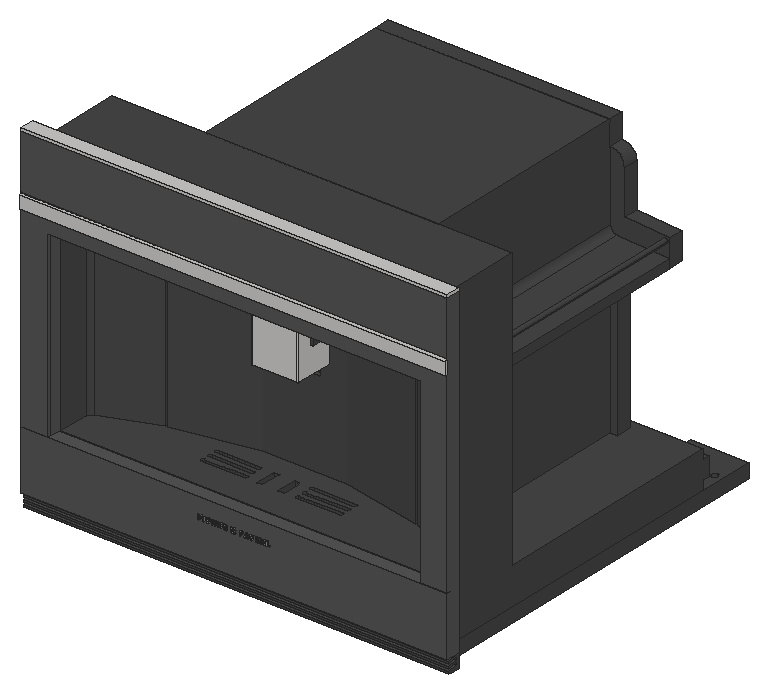
Revit family "FP_Revit_18_EB24DSXB1_w_TK480NDB1_Coffee_Maker_w_24in_Trimkit_90000807A", category Specialty Equipment, Revit 2018
Family settings
  Round Connector Dimension = Use Diameter
  Part Type = Normal
  OmniClass Number = 23.40.40.14.17.31
  OmniClass Title = Small Specialized Cooking Equipment
  Work Plane-Based = No
  Always vertical = Yes
  Cut with Voids When Loaded = Yes
  Shared = No
  Room Calculation Point = No
Parameters (values of type "EB24DSXB1 + TK480NDB1")
  Visibility - Clearance Required = yes
  URL = "www.fisherpaykel.com"
  Product - Width = 596 mm  # constant formula
  Product - Height = 478 mm  # constant formula
  Product - Depth = 614 mm  # constant formula
  Model = "EB24DSXB1 + TK480NDB1"
  Material - Trim = Fisher & Paykel - Stainless Steel
  Material - Glass = Fisher & Paykel - Glass, Black
  Material - Body = Fisher & Paykel - Black
  Manufacturer = "Fisher & Paykel Appliances"
  FFL Offset [instance] = 900 mm
  Description = "24\" Coffee Maker + 24\" Trimkit"
  Connector Description - Electrical = "120 V, 60 Hz, 11.25 A"
  Chassis - Width = 560 mm  # constant formula
  Chassis - Height = 466 mm  # constant formula
  Chassis - Depth = 542 mm  # constant formula
  Cavity - Width = 560 mm  # constant formula
  Cavity - Height = 480 mm  # constant formula
  Cavity - Depth = 560 mm  # constant formula
Reference planes
  plane 1 "Datum": y = 0
  plane 2: z = 0
  plane 3 "Center (Left/Right)": x = 0
  plane 4: z = 1380
  plane 5: z = 1378
  plane 6 "Product LHS": x = -298
  plane 7 "Product RHS": x = 298
  plane 8 "Product - Depth": y = 0
  plane 9 "Cavity LHS": x = -300
  plane 10 "Cavity RHS": x = 300
  plane 11 "Cavity - Depth": y = 560
  plane 12 "Chassis - Height": z = 0
  plane 13 "Product Depth": y = 542
  plane 14 "FFL Offset": z = 900
  plane 15 "Front": y = -20
Forms (mm)
  Extrusion 1, void
    sketch origin (0, 0, 0) x (0, 1, 0) y (0, 0, 1)
      loop
        line (-20, 1380) -> (-20, 900) -> (0, 900) -> (0, 1380) -> (-20, 1380)
    from -300 to 300
  Extrusion 2, void
    sketch origin (0, 0, 0) x (0, 1, 0) y (0, 0, 1)
      loop
        line (560, 1380) -> (0, 1380) -> (0, 900) -> (560, 900) -> (560, 1380)
    from -280 to 280
Text (mm)
  text "Due to ongoing product development, product details are subject to change without notice. \nPlease always refer to www.fisherpaykel.com for the most current product information. \n© Fisher & Paykel 2020" at (41.04, -413.295, 0), in view "Ref. Level (Plan)"
Dimensions and locks
  equal spacing: plane 6 "Product LHS", plane 3 "Center (Left/Right)", plane 7 "Product RHS"
  "Product - Width": plane 6 "Product LHS" to plane 7 "Product RHS"
  equal spacing: plane 9 "Cavity LHS", plane 3 "Center (Left/Right)", plane 10 "Cavity RHS"
  "Chassis - Depth": plane 1 "Datum" to plane 13 "Product Depth"
  "FFL Offset": plane 14 "FFL Offset" to level
  "Cavity - Depth": plane 1 "Datum" to plane 11 "Cavity - Depth"
  "Product - Height": plane 5 to plane 14 "FFL Offset"
  "Cavity - Height": plane 4 to plane 14 "FFL Offset"
  locked: plane 9 "Cavity LHS" to plane 10 "Cavity RHS" at 600
  "Cavity - Width": Extrusion 2 to Extrusion 2
  aligned and locked: level to plane 2
  aligned and locked: nested 2 to plane 8 "Product - Depth"
  aligned and locked: Extrusion 1 sketch curve to plane 8 "Product - Depth"
  aligned and locked: plane 14 "FFL Offset" to Extrusion 1 sketch curve
  aligned and locked: Extrusion 1 sketch curve to plane 4
  aligned and locked: Extrusion 1 to plane 10 "Cavity RHS"
  aligned and locked: plane 9 "Cavity LHS" to Extrusion 1
  aligned and locked: Extrusion 2 sketch curve to plane 8 "Product - Depth"
  aligned and locked: Extrusion 2 sketch curve to plane 14 "FFL Offset"
  aligned and locked: plane 11 "Cavity - Depth" to Extrusion 2 sketch curve
  aligned and locked: Extrusion 2 sketch curve to nested 2
  aligned and locked: nested 1 to plane 8 "Product - Depth"
  aligned and locked: Extrusion 1 to nested 1
  aligned and locked: plane 15 "Front" to Extrusion 1
Automatic sketch dimensions
  Extrusion 1 sketch curve to Extrusion 1 sketch curve = 20 mm
Nested families
  nested 1: "FP_Revit_18_EB24DSXB1_Coffee_Maker_90000807A" at (0, 0, 20), FFL Offset <- "FFL Offset", type "EB24DSXB1"
    with FFL Offset 900 mm
  nested 2: "FP_Revit_18_TK480ND_Trimkits_90001188A" at (0, 0, 0), FFL Offset <- "FFL Offset", type "TK480NDB1"
    with FFL Offset 900 mm
Connectors
  electrical at (95.857, 430.81, 1063), driven by "Connector Description - Electrical"
    settings: on nested 1, index 1, voltage 120 V, apparent load 0 VA, apparent load phase1 0 VA, apparent load phase2 0 VA, apparent load phase3 0 VA, power factor 1, load classification "Other", number of poles 1, system type 30, power factor state 1, is connector primary yes, connector utility no, sub classification motor no, connector description "120 V, 60 Hz, 11.25 A"
Definition of nested family "FP_Revit_18_EB24DSXB1_Coffee_Maker_90000807A"
  Parameters (values of type "EB24DSXB1")
    Visibility - Clearance Required = yes
    URL = "www.fisherpaykel.com"
    Product - Width = 596 mm  # constant formula
    Product - Height = 458 mm  # constant formula
    Product - Depth = 480 mm  # constant formula
    Model = "EB24DSXB1"
    Material - Trim = none
    Material - Glass = none
    Material - Body = none
    Manufacturer = "Fisher & Paykel Appliances"
    FFL Offset [instance] = 860 mm
    Description = "24cm Coffee Maker"
    Connector Description - Electrical = "120 V, 60 Hz, 11.25 A"
    Chassis - Width = 560 mm  # constant formula
    Chassis - Height = 445 mm  # constant formula
    Chassis - Depth = 460 mm  # constant formula
    Cavity - Width = 600 mm  # constant formula
    Cavity - Height = 460 mm  # constant formula
    Cavity - Depth = 545 mm  # constant formula
  Types (4, lengths in mm): name | Model | Description | Connector Description - Electrical
    EB60DSXBB1 | "EB60DSXBB1" | "60cm Coffee Maker" | "220-240 V, 50 Hz, 6.1 A"
    EB60DSXB2 | "EB60DSXB2" | "60cm Coffee Maker" | "220-240 V, 50 Hz, 6.1 A"
    EB24DSXBB1 | "EB24DSXBB1" | "24cm Coffee Maker" | "120 V, 60 Hz, 11.25 A"
    EB24DSXB1 | "EB24DSXB1" | "24cm Coffee Maker" | "120 V, 60 Hz, 11.25 A"
  Reference planes
    plane 1 "Center (Front/Back)": y = 0
    plane 2: z = 0
    plane 3 "Center (Left/Right)": x = 0
    plane 4: z = 1320
    plane 5: z = 1318
    plane 6 "Product LHS": x = -298
    plane 7 "Product RHS": x = 298
    plane 8 "Cavity LHS": x = -300
    plane 9 "Cavity RHS": x = 300
    plane 10 "Cavity - Depth": y = 545
    plane 11 "Front Face": y = -20
    plane 12 "Product Depth": y = 460
    plane 13 "FFL Offset": z = 860
  Forms (mm)
    Extrusion 1, solid, material <- "Material - Glass", detail levels fine
      sketch origin (0, 0, 915) x (0, 1, 0) y (0, 0, 1)
        loop
          line (0, -54) -> (0, 400) -> (-18.19, 400)
          arc (-18.19, 400) -> (-19.179, 399.792) -> (-20, 399.202) r 2.451
          line (-20, 399.202) -> (-20, 28.9) -> (-13, 28.9) -> (-13, 27.85) -> (-20, 27.85) -> (-20, -54) -> (0, -54)
      from -298 to 298
    Extrusion 2, solid, material <- "Material - Trim", detail levels fine
      sketch origin (0, 0, 0) x (0, 1, 0) y (0, 0, 1)
        loop
          line (0, 1318) -> (-20, 1318) -> (-20, 1315) -> (0, 1315) -> (0, 1318)
      from -298 to 298
    Extrusion 3, solid, material <- "Material - Trim", detail levels fine
      sketch origin (0, 0, 915) x (0, 1, 0) y (0, 0, 1)
        loop
          line (-20, 303) -> (-20, 322.8) -> (-20.827, 322.8) -> (-21.702, 320.52) -> (-21.702, 303) -> (-20, 303)
      from -298 to 298
    Extrusion 4, solid, material <- "Material - Body"
      sketch origin (0, 0, 0) x (0, 1, 0) y (0, 0, 1)
        loop
          line (116.01, 911.9) -> (116.01, 1305) -> (0, 1305) -> (0, 860) -> (450.02, 860) -> (450.02, 872.9) -> (460, 872.9) -> (460, 898.96) -> (450.02, 898.96) -> (450.02, 911.9) -> (116.01, 911.9)
      from -280 to 280
    Extrusion 5, solid, material <- "Material - Body", detail levels fine
      sketch origin (0, 0, 915) x (1, 0, 0) y (0, 0, 1)
        loop
          circle (255.488, 264.858) r 3
        loop
          arc (187.564, 248.08) -> (180.801, 250.881) -> (178, 257.644) r 9.564
          line (178, 257.644) -> (178, 390) -> (-150, 390) -> (-150, 258.403)
          arc (-150, 258.403) -> (-152.821, 251.442) -> (-159.691, 248.408) r 10
          line (-159.691, 248.408) -> (-261.967, 245.247) -> (-261.967, 232.285) -> (-159.605, 228.24)
          arc (-159.605, 228.24) -> (-152.791, 225.178) -> (-150, 218.248) r 10
          line (-150, 218.248) -> (-150, -3.1) -> (178, -3.1) -> (178, 219.061)
          arc (178, 219.061) -> (180.801, 225.824) -> (187.564, 228.625) r 9.564
          line (187.564, 228.625) -> (261.48, 231.852) -> (261.48, 244.856) -> (187.564, 248.08)
        loop
          circle (-255.488, 265.27) r 3
      from -415.81 to -116.01
    Extrusion 6, solid, material <- "Material - Body", detail levels fine
      sketch origin (0, 0, 0) x (1, 0, 0) y (0, 0, 1)
        loop
          line (261.48, 1185.549) -> (197.977, 1189.414) -> (197.977, 1250.8)
          arc (197.977, 1250.8) -> (192.126, 1264.926) -> (178, 1270.777) r 19.977
          line (178, 1270.777) -> (178, 1305) -> (-150.023, 1305) -> (-150.023, 1270.366)
          arc (-150.023, 1270.366) -> (-164.149, 1264.514) -> (-170, 1250.389) r 19.977
          line (-170, 1250.389) -> (-170, 1189.558) -> (-261.967, 1185.943) -> (-261.967, 1147.299) -> (-170, 1143.699) -> (-170, 860) -> (-120, 860) -> (-120, 1262.538) -> (145.224, 1262.538) -> (145.224, 911.9) -> (188.072, 911.9) -> (188.072, 1143.699) -> (261.48, 1146.905) -> (261.48, 1185.549)
      from -436.81 to -415.81
    Extrusion 7, void
      sketch origin (0, 0, 0) x (1, 0, 0) y (0, 1, 0)
        loop
          line (-261, -20.25) -> (261, -20.25) -> (261, -16.15) -> (258.097, 43.307)
          arc (258.097, 43.307) -> (256.532, 47.844) -> (252.912, 50.994) r 9.287
          arc (252.912, 50.994) -> (215.2, 66.982) -> (176.484, 80.359) r 600.007
          line (176.484, 80.359) -> (176.484, 87.818) -> (173.853, 87.818) -> (173.853, 81.162)
          arc (173.853, 81.162) -> (0, 106.902) -> (-173.853, 81.162) r 600.007
          line (-173.853, 81.162) -> (-173.853, 87.818) -> (-176.484, 87.818) -> (-176.484, 80.359)
          arc (-176.484, 80.359) -> (-215.2, 66.982) -> (-252.912, 50.994) r 600.007
          arc (-252.912, 50.994) -> (-256.532, 47.844) -> (-258.097, 43.307) r 9.287
          line (-258.097, 43.307) -> (-261, -16.15) -> (-261, -20.25)
      from 942.8 to 1197.8
    Extrusion 8, void
      sketch origin (0, 0, 0) x (1, 0, 0) y (0, 1, 0)
        loop
          arc (-96.162, 73.7) -> (-99.162, 70.7) -> (-96.162, 67.7) r 3
          line (-96.162, 67.7) -> (-36.788, 67.7)
          arc (-36.788, 67.7) -> (-33.788, 70.7) -> (-36.788, 73.7) r 3
          line (-36.788, 73.7) -> (-96.162, 73.7)
        loop
          arc (-96.162, 61.7) -> (-99.162, 58.7) -> (-96.162, 55.7) r 3
          line (-96.162, 55.7) -> (-36.788, 55.7)
          arc (-36.788, 55.7) -> (-33.788, 58.7) -> (-36.788, 61.7) r 3
          line (-36.788, 61.7) -> (-96.162, 61.7)
        loop
          arc (-96.162, 49.7) -> (-99.162, 46.7) -> (-96.162, 43.7) r 3
          line (-96.162, 43.7) -> (-36.788, 43.7)
          arc (-36.788, 43.7) -> (-33.788, 46.7) -> (-36.788, 49.7) r 3
          line (-36.788, 49.7) -> (-96.162, 49.7)
        loop
          line (-19.49, 73.102) -> (-19.49, 44.102) -> (-10.49, 44.102) -> (-10.49, 73.102) -> (-19.49, 73.102)
        loop
          line (96.162, 73.7) -> (36.788, 73.7)
          arc (36.788, 73.7) -> (33.788, 70.7) -> (36.788, 67.7) r 3
          line (36.788, 67.7) -> (96.162, 67.7)
          arc (96.162, 67.7) -> (99.162, 70.7) -> (96.162, 73.7) r 3
        loop
          line (96.162, 61.7) -> (36.788, 61.7)
          arc (36.788, 61.7) -> (33.788, 58.7) -> (36.788, 55.7) r 3
          line (36.788, 55.7) -> (96.162, 55.7)
          arc (96.162, 55.7) -> (99.162, 58.7) -> (96.162, 61.7) r 3
        loop
          line (96.162, 49.7) -> (36.788, 49.7)
          arc (36.788, 49.7) -> (33.788, 46.7) -> (36.788, 43.7) r 3
          line (36.788, 43.7) -> (96.162, 43.7)
          arc (96.162, 43.7) -> (99.162, 46.7) -> (96.162, 49.7) r 3
        loop
          line (19.49, 73.102) -> (10.49, 73.102) -> (10.49, 44.102) -> (19.49, 44.102) -> (19.49, 73.102)
      from 932.9 to 942.8
    Extrusion 9, solid, material <- "Material - Body"
      sketch origin (0, 0, 0) x (1, 0, 0) y (0, 1, 0)
        loop
          line (-238.877, 57.3) -> (238.036, 57.3) -> (238.036, 116.01) -> (-238.877, 116.01) -> (-238.877, 57.3)
      from 1171.8 to 1197.8
    Extrusion 10, solid, material <- "Material - Trim"
      sketch origin (0, 0, 0) x (1, 0, 0) y (0, 1, 0)
        loop
          line (-33, 105.99) -> (-33, 52.807)
          arc (-33, 52.807) -> (-32.412, 51.388) -> (-30.993, 50.8) r 2.007
          line (-30.993, 50.8) -> (31, 50.8)
          arc (31, 50.8) -> (32.414, 51.386) -> (33, 52.8) r 2
          line (33, 52.8) -> (33, 105.99) -> (-33, 105.99)
      from 1083.8 to 1183.5
    Extrusion 11, void
      sketch origin (0, 0, 0) x (1, 0, 0) y (0, 0, 1)
        loop
          line (-19.5, 1083.8) -> (-19.5, 1061.827) -> (19.5, 1061.827) -> (19.5, 1083.8) -> (-19.5, 1083.8)
      from -115 to -105
    Extrusion 12, solid, material <- "Material - Body", detail levels fine
      sketch origin (0, 0, 0) x (1, 0, 0) y (0, 0, 1)
        loop
          line (45.9, 1172.885) -> (45.9, 1163.535) -> (47.549, 1163.535) -> (47.549, 1147.911)
          arc (47.549, 1147.911) -> (55.35, 1140.11) -> (63.15, 1147.911) r 7.801
          line (63.15, 1147.911) -> (63.15, 1163.235) -> (73.436, 1163.235) -> (73.436, 1172.885) -> (45.9, 1172.885)
      from -106.934 to -61.01
    Extrusion 13, solid, material <- "Material - Body", detail levels fine
      sketch origin (0, 0, 915) x (1, 0, 0) y (0, 0, 1)
        loop
          line (53.653, 257.885) -> (53.653, 225.297)
          arc (53.653, 225.297) -> (55.35, 225.11) -> (57.047, 225.297) r 7.805
          line (57.047, 225.297) -> (57.047, 257.885) -> (53.653, 257.885)
      from -61.01 to -47.51
    Extrusion 14, solid, material <- "Material - Body", detail levels fine
      sketch origin (0, 0, 915) x (1, 0, 0) y (0, 0, 1)
        loop
          line (115.224, 76.056) -> (75.224, 76.056) -> (75.224, 21.056) -> (115.224, 21.056) -> (115.224, 76.056)
      from -417 to -415.81
    Extrusion 15, solid, material <- "Material - Body", detail levels fine
      sketch origin (0, 0, 915) x (1, 0, 0) y (0, 0, 1)
        loop
          line (107.224, 68.056) -> (83.224, 68.056) -> (83.224, 29.056) -> (107.224, 29.056) -> (107.224, 68.056)
      from -436.81 to -417
    Extrusion 16, solid, material <- "Material - Body", detail levels fine
      sketch origin (0, 0, 0) x (1, 0, 0) y (0, 1, 0)
        loop
          circle (95.857, 430.81) r 5
      from 983.056 to 1003
    Extrusion 17, void
      sketch origin (0, 0, 915) x (0, 1, 0) y (0, 0, 1)
        loop
          line (445.9, -19.903) -> (0, -19.903) -> (0, -55) -> (445.9, -55) -> (445.9, -19.903)
      from -54 to 54
    Extrusion 18, solid, detail levels fine
      sketch origin (0, 0, 0) x (1, 0, 0) y (0, 1, 0)
        loop
          line (-210.55, 31.63) -> (-210.55, 5.8) -> (-193.27, 5.8) -> (-193.27, 31.63) -> (-210.55, 31.63)
        loop
          line (-203.25, 13.924) -> (-203.25, 14.725)
          arc (-203.25, 14.725) -> (-201.75, 22.856) -> (-200.25, 14.725) r 4.204
          line (-200.25, 14.725) -> (-200.25, 13.924)
          arc (-200.25, 13.924) -> (-201.75, 23.687) -> (-203.25, 13.924) r 4.997
        loop
          line (-202.15, 17.61) -> (-202.15, 12.8) -> (-201.35, 12.8) -> (-201.35, 17.61) -> (-202.15, 17.61)
      from 1196.9 to 1197.8
    Extrusion 19, solid, visible <- "Visibility - Clearance Required", detail levels coarse
      sketch origin (0, 0, 0) x (1, 0, 0) y (0, 1, 0)
        loop
          line (-300, 0) -> (-300, -20) -> (300, -20) -> (300, 0) -> (-300, 0)
      from 860 to 1320
    Extrusion 20, solid, visible <- "Visibility - Clearance Required", detail levels coarse
      sketch origin (0, 0, 0) x (1, 0, 0) y (0, 1, 0)
        loop
          line (-280, 0) -> (280, 0) -> (280, 545) -> (-280, 545) -> (-280, 0)
      from 860 to 1310
    Extrusion 21, solid, material <- "Material - Body", detail levels coarse+medium
      sketch origin (0, -20, 915) x (-1, 0, 0) y (0, 0, 1)
        loop
          line (-197.977, 274.414) -> (-261.48, 274.414) -> (-261.48, 228.699) -> (-188.072, 228.699) -> (-188.072, -3.1) -> (170, -3.1) -> (170, 228.699) -> (261.967, 228.699) -> (261.967, 274.558) -> (170, 274.558) -> (170, 390.05) -> (-197.977, 390.05) -> (-197.977, 274.414)
      from 136.01 to 456.81
    Extrusion 22, solid, material <- "Material - Glass", detail levels coarse+medium
      sketch origin (0, 0, 915) x (1, 0, 0) y (0, 0, 1)
        loop
          line (-298, -54) -> (298, -54) -> (298, 403) -> (-298, 403) -> (-298, -54)
        loop
          line (261, 282.85) -> (-261, 282.85) -> (-261, 27.85) -> (261, 27.85) -> (261, 282.85)
      from 0 to 20
    Extrusion 23, void
      sketch origin (0, 0, 0) x (1, 0, 0) y (0, 1, 0)
        loop
          line (-280, 545) -> (-280, 0) -> (280, 0) -> (280, 545) -> (-280, 545)
      from 860 to 1310
    Extrusion 24, void
      sketch origin (0, 0, 0) x (1, 0, 0) y (0, 1, 0)
        loop
          line (-300, 0) -> (-300, -20) -> (300, -20) -> (300, 0) -> (-300, 0)
      from 860 to 1320
  Cuts and joins
    Extrusion 7 cuts Extrusion 1
    Extrusion 7, Extrusion 8, Extrusion 11, Extrusion 17 cuts Extrusion 4
    joined: Extrusion 4, Extrusion 9
  Lines and regions (mm)
    model lines, detail levels medium+fine
      curve 1: line (-47, -20, 1293.952) -> (47, -20, 1293.952)
      curve 2: line (-47, -20, 1240.952) -> (-47, -20, 1293.952)
      curve 3: line (47, -20, 1240.952) -> (-47, -20, 1240.952)
      curve 4: line (47, -20, 1293.952) -> (47, -20, 1240.952)
  Text (mm)
    text "Due to ongoing product development, product details are subject to change without notice. \nPlease always refer to www.fisherpaykel.com for the most current product information. \n© Fisher & Paykel 2020" at (41.04, -248.295, 0), in view "Ref. Level (Plan)"
  Dimensions and locks
    equal spacing: plane 6 "Product LHS", plane 3 "Center (Left/Right)", plane 7 "Product RHS"
    "Product - Width": plane 6 "Product LHS" to plane 7 "Product RHS"
    equal spacing: plane 8 "Cavity LHS", plane 3 "Center (Left/Right)", plane 9 "Cavity RHS"
    "Cavity - Width": plane 8 "Cavity LHS" to plane 9 "Cavity RHS"
    "Cavity - Depth": plane 10 "Cavity - Depth" to plane 1 "Center (Front/Back)"
    plane 11 "Front Face" to plane 1 "Center (Front/Back)" = 20 mm
    "Chassis - Depth": plane 1 "Center (Front/Back)" to plane 12 "Product Depth"
    "Product - Depth": plane 12 "Product Depth" to plane 11 "Front Face"
    "Chassis - Width": cut or joined group of Extrusion 4, Extrusion 7, Extrusion 8, Extrusion 9, Extrusion 11, Extrusion 17 to cut or joined group of Extrusion 4, Extrusion 7, Extrusion 8, Extrusion 9, Extrusion 11, Extrusion 17
    "FFL Offset": plane 13 "FFL Offset" to level
    "Chassis - Height": cut or joined group of Extrusion 4, Extrusion 7, Extrusion 8, Extrusion 9, Extrusion 11, Extrusion 17 to plane 13 "FFL Offset"
    "Product - Height": plane 5 to plane 13 "FFL Offset"
    "Cavity - Height": plane 4 to plane 13 "FFL Offset"
    locked: Extrusion 23 to plane 13 "FFL Offset" at 450
    locked: plane 5 to Extrusion 21 at 12.95
    locked: Extrusion 3 to plane 13 "FFL Offset" at 358
    locked: plane 13 "FFL Offset" to cut or joined group of Extrusion 1, Extrusion 7 at 1
    locked: plane 13 "FFL Offset" to cut or joined group of Extrusion 4, Extrusion 7, Extrusion 8, Extrusion 9, Extrusion 11, Extrusion 17 at 82.8
    locked: plane 13 "FFL Offset" to Extrusion 22 sketch curve at 337.85
    locked: cut or joined group of Extrusion 4, Extrusion 7, Extrusion 8, Extrusion 9, Extrusion 11, Extrusion 17 to plane 13 "FFL Offset" at 337.8
    locked: cut or joined group of Extrusion 4, Extrusion 7, Extrusion 8, Extrusion 9, Extrusion 11, Extrusion 17 to plane 13 "FFL Offset" at 51.9
    locked: plane 5 to Extrusion 3 at 100
    locked: plane 5 to Extrusion 22 at 120.15
    locked: plane 5 to Extrusion 22 at 375.15
    locked: Extrusion 16 to plane 13 "FFL Offset" at 143
    locked: cut or joined group of Extrusion 4, Extrusion 7, Extrusion 8, Extrusion 9, Extrusion 11, Extrusion 17 to cut or joined group of Extrusion 4, Extrusion 7, Extrusion 8, Extrusion 9, Extrusion 11, Extrusion 17 at 9.9
    locked: nested 1 to plane 13 "FFL Offset" at 61.04
    locked: Extrusion 10 to plane 13 "FFL Offset" at 323.5
    locked: Extrusion 10 to plane 13 "FFL Offset" at 223.8
    locked: cut or joined group of Extrusion 4, Extrusion 7, Extrusion 8, Extrusion 9, Extrusion 11, Extrusion 17 to plane 13 "FFL Offset" at 201.827
    locked: cut or joined group of Extrusion 4, Extrusion 7, Extrusion 8, Extrusion 9, Extrusion 11, Extrusion 17 to plane 13 "FFL Offset" at 311.8
    locked: Extrusion 12 to plane 13 "FFL Offset" at 312.885
    locked: Extrusion 22 to Extrusion 18 at 0.95
    locked: plane 5 to Extrusion 23 at 8
    locked: Extrusion 17 sketch curve to plane 13 "FFL Offset" at 35.097
    plane 5 to curve 3 = 77.048 mm
    locked: plane 5 to curve 1 at 24.048
    locked: Extrusion 15 to plane 13 "FFL Offset" at 84.056
    locked: Extrusion 15 to plane 13 "FFL Offset" at 123.056
    locked: plane 5 to curve 3 at 77.048
    aligned and locked: level to plane 2
    aligned and locked: Extrusion 3 to plane 7 "Product RHS"
    aligned and locked: plane 6 "Product LHS" to Extrusion 3
    aligned and locked: Extrusion 2 to plane 7 "Product RHS"
    aligned and locked: plane 6 "Product LHS" to Extrusion 2
    aligned and locked: plane 6 "Product LHS" to Extrusion 1
    aligned and locked: Extrusion 1 to plane 7 "Product RHS"
    aligned and locked: plane 9 "Cavity RHS" to Extrusion 19 sketch curve
    aligned and locked: Extrusion 19 sketch curve to plane 8 "Cavity LHS"
    aligned and locked: plane 1 "Center (Front/Back)" to Extrusion 19 sketch curve
    aligned and locked: Extrusion 5 to cut or joined group of Extrusion 4, Extrusion 7, Extrusion 8, Extrusion 9, Extrusion 11, Extrusion 17
    aligned and locked: Extrusion 5 to Extrusion 4
    aligned and locked: Extrusion 6 to Extrusion 5
    aligned and locked: plane 4 to Extrusion 24
    aligned and locked: plane 5 to Extrusion 2
    aligned and locked: Extrusion 24 to Extrusion 19
    aligned and locked: plane 5 to Extrusion 22 sketch curve
    aligned and locked: Extrusion 21 to Extrusion 5
    aligned and locked: Extrusion 5 to Extrusion 6
    aligned and locked: Extrusion 8 to Extrusion 7
    aligned and locked: Extrusion 11 to Extrusion 10
    aligned and locked: cut or joined group of Extrusion 1, Extrusion 7 to Extrusion 18
    aligned and locked: Extrusion 19 to Extrusion 17
    aligned and locked: plane 13 "FFL Offset" to Extrusion 4 sketch curve
    aligned and locked: Extrusion 4 to Extrusion 17
    aligned and locked: Extrusion 23 to cut or joined group of Extrusion 4, Extrusion 7, Extrusion 8, Extrusion 9, Extrusion 11, Extrusion 17
    aligned and locked: cut or joined group of Extrusion 4, Extrusion 7, Extrusion 8, Extrusion 9, Extrusion 11, Extrusion 17 to Extrusion 6
    aligned and locked: Extrusion 24 to cut or joined group of Extrusion 4, Extrusion 7, Extrusion 8, Extrusion 9, Extrusion 11, Extrusion 17
    aligned and locked: Extrusion 20 to Extrusion 23
    aligned and locked: Extrusion 20 to Extrusion 6
    aligned and locked: Extrusion 7 to Extrusion 9
    aligned and locked: Extrusion 16 to Extrusion 15
  Automatic sketch dimensions
    Extrusion 3 sketch curve to Extrusion 3 sketch curve = 17.52 mm
    Extrusion 3 sketch curve to Extrusion 3 sketch curve = 0.875 mm
    Extrusion 3 sketch curve to Extrusion 3 sketch curve = 0.827 mm
    Extrusion 3 sketch curve to Extrusion 3 sketch curve = 2.28 mm
    Extrusion 7 sketch curve to Extrusion 7 sketch curve = 0 mm  (x4)
    Extrusion 7 sketch curve to plane 3 "Center (Left/Right)" = 0 mm
    Extrusion 7 sketch curve to plane 6 "Product LHS" = 124.147 mm
    Extrusion 7 sketch curve to Extrusion 7 sketch curve = 2.63 mm  (x2)
    Extrusion 7 sketch curve to plane 6 "Product LHS" = 49.167 mm
    Extrusion 7 sketch curve to Extrusion 7 sketch curve = 9.264 mm  (x2)
    Extrusion 7 sketch curve to plane 6 "Product LHS" = 37 mm
    plane 7 "Product RHS" to Extrusion 7 sketch curve = 124.147 mm
    plane 7 "Product RHS" to Extrusion 7 sketch curve = 49.167 mm
    plane 1 "Center (Front/Back)" to Extrusion 7 sketch curve = 16.15 mm
    plane 7 "Product RHS" to Extrusion 7 sketch curve = 37 mm
    plane 1 "Center (Front/Back)" to Extrusion 7 sketch curve = 493.105 mm
    Extrusion 7 sketch curve to plane 1 "Center (Front/Back)" = 42.65 mm  (x2)
    Extrusion 7 sketch curve to Extrusion 7 sketch curve = 0.657 mm  (x2)
    Extrusion 7 sketch curve to plane 1 "Center (Front/Back)" = 80.359 mm  (x2)
    Extrusion 7 sketch curve to Extrusion 7 sketch curve = 0.803 mm
    Extrusion 7 sketch curve to Extrusion 7 sketch curve = 6.656 mm  (x2)
    Extrusion 7 sketch curve to Extrusion 7 sketch curve = 4.1 mm  (x2)
    Extrusion 8 sketch curve to plane 3 "Center (Left/Right)" = 96.162 mm
    Extrusion 8 sketch curve to Extrusion 8 sketch curve = 0 mm  (x9)
    Extrusion 8 sketch curve to plane 3 "Center (Left/Right)" = 36.788 mm
    Extrusion 8 sketch curve to Extrusion 8 sketch curve = 17.298 mm  (x3)
    Extrusion 8 sketch curve to Extrusion 8 sketch curve = 9 mm  (x2)
    plane 3 "Center (Left/Right)" to Extrusion 8 sketch curve = 10.49 mm
    Extrusion 8 sketch curve to Extrusion 8 sketch curve = 59.375 mm
    Extrusion 8 sketch curve to plane 1 "Center (Front/Back)" = 43.7 mm  (x2)
    Extrusion 8 sketch curve to Extrusion 8 sketch curve = 0.402 mm
    Extrusion 8 sketch curve to Extrusion 8 sketch curve = 3 mm  (x6)
    Extrusion 8 sketch curve to Extrusion 8 sketch curve = 6 mm  (x4)
    Extrusion 8 sketch curve to Extrusion 8 sketch curve = 0.598 mm
    Extrusion 10 sketch curve to Extrusion 10 sketch curve = 2.007 mm
    Extrusion 10 sketch curve to Extrusion 10 sketch curve = 53.19 mm
    Extrusion 11 sketch curve to plane 3 "Center (Left/Right)" = 19.5 mm
    plane 3 "Center (Left/Right)" to Extrusion 11 sketch curve = 19.5 mm
    level to Extrusion 11 sketch curve = 1061.827 mm
    Extrusion 11 sketch curve to Extrusion 11 sketch curve = 21.973 mm
    Extrusion 12 sketch curve to Extrusion 12 sketch curve = 1.649 mm
    Extrusion 12 sketch curve to Extrusion 12 sketch curve = 7.801 mm
    Extrusion 12 sketch curve to Extrusion 12 sketch curve = 10.286 mm
    Extrusion 12 sketch curve to Extrusion 12 sketch curve = 15.324 mm
    Extrusion 12 sketch curve to Extrusion 12 sketch curve = 0.3 mm
    Extrusion 12 sketch curve to Extrusion 12 sketch curve = 9.35 mm
    Extrusion 13 sketch curve to Extrusion 13 sketch curve = 1.697 mm
    Extrusion 13 sketch curve to Extrusion 13 sketch curve = 7.618 mm
    Extrusion 13 sketch curve to Extrusion 13 sketch curve = 24.97 mm
    Extrusion 13 sketch curve to Extrusion 13 sketch curve = 3.394 mm
    Extrusion 14 sketch curve to Extrusion 14 sketch curve = 40 mm
    Extrusion 14 sketch curve to Extrusion 14 sketch curve = 55 mm
    Extrusion 15 sketch curve to Extrusion 15 sketch curve = 24 mm
    Extrusion 15 sketch curve to Extrusion 15 sketch curve = 39 mm
    level to Extrusion 17 sketch curve = 860 mm
    Extrusion 17 sketch curve to plane 1 "Center (Front/Back)" = 0 mm
    Extrusion 18 sketch curve to Extrusion 18 sketch curve = 7.3 mm
    Extrusion 18 sketch curve to Extrusion 18 sketch curve = 1.1 mm  (x2)
    Extrusion 18 sketch curve to Extrusion 18 sketch curve = 0.4 mm
    Extrusion 18 sketch curve to Extrusion 18 sketch curve = 0 mm
    Extrusion 18 sketch curve to Extrusion 18 sketch curve = 0.8 mm
    Extrusion 18 sketch curve to Extrusion 18 sketch curve = 8.08 mm
    Extrusion 18 sketch curve to Extrusion 18 sketch curve = 7 mm
    Extrusion 18 sketch curve to Extrusion 18 sketch curve = 1.124 mm
    Extrusion 18 sketch curve to Extrusion 18 sketch curve = 0.801 mm
    Extrusion 18 sketch curve to Extrusion 18 sketch curve = 2.885 mm
    Extrusion 18 sketch curve to Extrusion 18 sketch curve = 1.042 mm
    Extrusion 18 sketch curve to Extrusion 18 sketch curve = 0.038 mm
    Extrusion 18 sketch curve to Extrusion 18 sketch curve = 12.94 mm
    Extrusion 9 sketch curve to plane 6 "Product LHS" = 59.123 mm
    Extrusion 9 sketch curve to plane 1 "Center (Front/Back)" = 57.3 mm
    plane 7 "Product RHS" to Extrusion 9 sketch curve = 59.964 mm
    Extrusion 9 sketch curve to Extrusion 9 sketch curve = 58.71 mm
    plane 1 "Center (Front/Back)" to Extrusion 19 sketch curve = 20 mm
    Extrusion 17 sketch curve to plane 10 "Cavity - Depth" = 99.1 mm
    Extrusion 6 sketch curve to plane 6 "Product LHS" = 36.033 mm
    level to Extrusion 6 sketch curve = 860 mm
    Extrusion 6 sketch curve to plane 6 "Product LHS" = 128 mm
    Extrusion 6 sketch curve to Extrusion 6 sketch curve = 0 mm
    Extrusion 6 sketch curve to Extrusion 6 sketch curve = 19.977 mm
    Extrusion 6 sketch curve to Extrusion 6 sketch curve = 30.023 mm
    level to Extrusion 6 sketch curve = 911.9 mm
    plane 3 "Center (Left/Right)" to Extrusion 6 sketch curve = 145.224 mm
    Extrusion 6 sketch curve to plane 5 = 13 mm
    Extrusion 6 sketch curve to Extrusion 6 sketch curve = 32.776 mm
    Extrusion 6 sketch curve to Extrusion 6 sketch curve = 10.072 mm
    Extrusion 6 sketch curve to Extrusion 6 sketch curve = 9.905 mm
    plane 7 "Product RHS" to Extrusion 6 sketch curve = 36.52 mm
    Extrusion 6 sketch curve to Extrusion 6 sketch curve = 161.301 mm  (x2)
    Extrusion 6 sketch curve to Extrusion 6 sketch curve = 3.205 mm
    Extrusion 6 sketch curve to Extrusion 6 sketch curve = 3.6 mm
    Extrusion 6 sketch curve to Extrusion 6 sketch curve = 38.645 mm
    Extrusion 6 sketch curve to Extrusion 6 sketch curve = 38.644 mm
    Extrusion 6 sketch curve to Extrusion 6 sketch curve = 45.715 mm
    Extrusion 6 sketch curve to Extrusion 6 sketch curve = 45.858 mm
    Extrusion 6 sketch curve to Extrusion 6 sketch curve = 54.611 mm
    Extrusion 6 sketch curve to Extrusion 6 sketch curve = 54.2 mm
    Extrusion 6 sketch curve to Extrusion 6 sketch curve = 7.828 mm
    Extrusion 5 sketch curve to plane 6 "Product LHS" = 36.033 mm
    Extrusion 5 sketch curve to Extrusion 5 sketch curve = 6.478 mm
    Extrusion 5 sketch curve to Extrusion 5 sketch curve = 95.488 mm
    Extrusion 5 sketch curve to Extrusion 5 sketch curve = 0.309 mm  (x2)
    Extrusion 5 sketch curve to Extrusion 5 sketch curve = 0.395 mm
    Extrusion 5 sketch curve to Extrusion 5 sketch curve = 10 mm  (x2)
    plane 7 "Product RHS" to Extrusion 5 sketch curve = 120 mm  (x2)
    Extrusion 5 sketch curve to plane 5 = 13 mm
    Extrusion 5 sketch curve to Extrusion 5 sketch curve = 9.564 mm  (x2)
    plane 7 "Product RHS" to Extrusion 5 sketch curve = 42.512 mm
    Extrusion 5 sketch curve to Extrusion 5 sketch curve = 5.992 mm
    Extrusion 5 sketch curve to Extrusion 5 sketch curve = 171.752 mm
    Extrusion 5 sketch curve to Extrusion 5 sketch curve = 170.939 mm
    Extrusion 5 sketch curve to Extrusion 5 sketch curve = 3.227 mm
    Extrusion 5 sketch curve to Extrusion 5 sketch curve = 4.045 mm
    Extrusion 5 sketch curve to Extrusion 5 sketch curve = 13.004 mm
    Extrusion 5 sketch curve to Extrusion 5 sketch curve = 12.962 mm
    Extrusion 5 sketch curve to Extrusion 5 sketch curve = 20.168 mm
    Extrusion 5 sketch curve to Extrusion 5 sketch curve = 19.455 mm
    Extrusion 5 sketch curve to Extrusion 5 sketch curve = 20.001 mm
    Extrusion 5 sketch curve to Extrusion 5 sketch curve = 20.023 mm
    Extrusion 20 sketch curve to plane 10 "Cavity - Depth" = 0 mm
    plane 1 "Center (Front/Back)" to Extrusion 20 sketch curve = 0 mm
    Extrusion 20 sketch curve to plane 6 "Product LHS" = 18 mm
    plane 7 "Product RHS" to Extrusion 20 sketch curve = 18 mm
    level to Extrusion 5 sketch curve = 911.9 mm
    Extrusion 21 sketch curve to plane 5 = 12.95 mm
    plane 7 "Product RHS" to Extrusion 21 sketch curve = 100.023 mm
    Extrusion 21 sketch curve to Extrusion 21 sketch curve = 9.905 mm
    level to Extrusion 21 sketch curve = 911.9 mm
    Extrusion 21 sketch curve to plane 6 "Product LHS" = 128 mm  (x2)
    Extrusion 21 sketch curve to plane 6 "Product LHS" = 36.033 mm
    Extrusion 21 sketch curve to Extrusion 21 sketch curve = 161.351 mm  (x2)
    Extrusion 21 sketch curve to Extrusion 21 sketch curve = 45.858 mm
    plane 7 "Product RHS" to Extrusion 21 sketch curve = 36.52 mm
    Extrusion 21 sketch curve to Extrusion 21 sketch curve = 45.715 mm
    Extrusion 1 sketch curve to plane 11 "Front Face" = 0 mm  (x2)
    Extrusion 1 sketch curve to plane 1 "Center (Front/Back)" = 0 mm
    plane 11 "Front Face" to Extrusion 1 sketch curve = 1.81 mm
    plane 11 "Front Face" to Extrusion 1 sketch curve = 7 mm
    level to Extrusion 1 sketch curve = 861 mm
    Extrusion 1 sketch curve to Extrusion 1 sketch curve = 81.85 mm
    Extrusion 1 sketch curve to Extrusion 1 sketch curve = 1.05 mm
    Extrusion 1 sketch curve to plane 5 = 3 mm
    Extrusion 1 sketch curve to Extrusion 1 sketch curve = 2.451 mm
    Extrusion 23 sketch curve to plane 1 "Center (Front/Back)" = 0 mm
    plane 10 "Cavity - Depth" to Extrusion 23 sketch curve = 0 mm
    Extrusion 23 sketch curve to plane 6 "Product LHS" = 18 mm
    plane 7 "Product RHS" to Extrusion 23 sketch curve = 18 mm
    Extrusion 24 sketch curve to plane 8 "Cavity LHS" = 0 mm
    Extrusion 24 sketch curve to plane 9 "Cavity RHS" = 0 mm
    Extrusion 24 sketch curve to plane 1 "Center (Front/Back)" = 0 mm
    Extrusion 24 sketch curve to plane 11 "Front Face" = 0 mm
    Extrusion 2 sketch curve to plane 11 "Front Face" = 0 mm
    Extrusion 2 sketch curve to plane 1 "Center (Front/Back)" = 0 mm
    plane 13 "FFL Offset" to Extrusion 2 sketch curve = 455 mm
    Extrusion 2 sketch curve to Extrusion 2 sketch curve = 3 mm
    Extrusion 10 sketch curve to Extrusion 10 sketch curve = 61.993 mm
    Extrusion 10 sketch curve to Extrusion 10 sketch curve = 2 mm
    plane 6 "Product LHS" to Extrusion 22 sketch curve = 0 mm
    plane 7 "Product RHS" to Extrusion 22 sketch curve = 0 mm
    Extrusion 22 sketch curve to plane 6 "Product LHS" = 37 mm
    plane 7 "Product RHS" to Extrusion 22 sketch curve = 37 mm
    plane 13 "FFL Offset" to Extrusion 22 sketch curve = 82.85 mm
    plane 13 "FFL Offset" to Extrusion 22 sketch curve = 1 mm
    Extrusion 3 sketch curve to plane 11 "Front Face" = 0 mm
    Extrusion 3 sketch curve to plane 5 = 100 mm
    Extrusion 10 sketch curve to plane 3 "Center (Left/Right)" = 33 mm
    Extrusion 10 sketch curve to plane 1 "Center (Front/Back)" = 50.8 mm
    plane 3 "Center (Left/Right)" to Extrusion 12 sketch curve = 45.9 mm
    Extrusion 12 sketch curve to plane 5 = 170.089 mm
    plane 3 "Center (Left/Right)" to Extrusion 13 sketch curve = 53.653 mm
    Extrusion 13 sketch curve to plane 5 = 177.703 mm
    plane 3 "Center (Left/Right)" to Extrusion 14 sketch curve = 75.224 mm
    plane 13 "FFL Offset" to Extrusion 14 sketch curve = 76.056 mm
    plane 3 "Center (Left/Right)" to Extrusion 15 sketch curve = 83.224 mm
    plane 13 "FFL Offset" to Extrusion 15 sketch curve = 84.056 mm
    Extrusion 16 sketch curve to plane 12 "Product Depth" = 29.19 mm
    plane 3 "Center (Left/Right)" to Extrusion 16 sketch curve = 95.857 mm
    Extrusion 18 sketch curve to plane 1 "Center (Front/Back)" = 5.8 mm
    Extrusion 18 sketch curve to plane 6 "Product LHS" = 87.45 mm
    Extrusion 4 sketch curve to plane 1 "Center (Front/Back)" = 0 mm
    Extrusion 4 sketch curve to plane 12 "Product Depth" = 0 mm
    Extrusion 4 sketch curve to plane 5 = 13 mm
    Extrusion 4 sketch curve to plane 1 "Center (Front/Back)" = 116.01 mm
    Extrusion 4 sketch curve to plane 12 "Product Depth" = 9.98 mm
    Extrusion 4 sketch curve to Extrusion 4 sketch curve = 9.98 mm
    plane 13 "FFL Offset" to Extrusion 4 sketch curve = 12.9 mm
    Extrusion 4 sketch curve to Extrusion 4 sketch curve = 26.06 mm
    plane 13 "FFL Offset" to Extrusion 4 sketch curve = 51.9 mm
    plane 3 "Center (Left/Right)" to curve 1 = 47 mm
    curve 3 to plane 3 "Center (Left/Right)" = 47 mm
    radius of Extrusion 16 sketch curve = 5 mm
    radius of Extrusion 5 sketch curve = 3 mm  (x2)
  Nested families
    nested 1: "F&P Logo 100mm" at (0, -20, 915), type "F&P Logo 100mm", detail levels fine
  Connectors
    electrical at (95.857, 430.81, 1003), driven by "Connector Description - Electrical"
      settings: on Extrusion 16, index 1, voltage 120 V, apparent load 0 VA, apparent load phase1 0 VA, apparent load phase2 0 VA, apparent load phase3 0 VA, power factor 1, load classification none, number of poles 1, system type 30, power factor state 1, is connector primary yes, connector utility no, sub classification motor no, connector description "120 V, 60 Hz, 11.25 A"
  Definition of nested family "F&P Logo 100mm"
    Parameters (values of type "F&P Logo 100mm")
      URL = "www.fisherpaykel.com"
      Material - Logo = none
      Manufacturer = "Fisher & Paykel Appliances"
    Reference planes
      plane 1 "Center (Front/Back)": y = 0
      plane 2: z = 0
      plane 3 "Center (Left/Right)": x = 0
    Forms (mm)
      Extrusion 1, solid, material <- "Material - Logo", detail levels fine
        sketch origin (0, 0, 0) x (1, 0, 0) y (0, 0, 1)
          loop
            line (-50.044, 0) -> (-48.47, 0) -> (-48.47, 2.138) -> (-46.011, 2.138) -> (-46.011, 3.472) -> (-48.47, 3.472) -> (-48.47, 4.712) -> (-45.795, 4.712) -> (-45.795, 6.04) -> (-50.044, 6.04) -> (-50.044, 0)
          loop
            line (-42.804, 6.04) -> (-42.804, 0) -> (-41.23, 0) -> (-41.23, 6.04) -> (-42.804, 6.04)
          loop
            line (-30.724, 6.04) -> (-30.724, 0) -> (-29.151, 0) -> (-29.151, 2.42) -> (-26.839, 2.42) -> (-26.839, 0) -> (-25.265, 0) -> (-25.265, 6.04) -> (-26.839, 6.04) -> (-26.839, 3.748) -> (-29.151, 3.748) -> (-29.151, 6.04) -> (-30.724, 6.04)
          loop
            line (-21.906, 6.04) -> (-21.906, 0) -> (-17.602, 0) -> (-17.602, 1.328) -> (-20.347, 1.328) -> (-20.347, 2.42) -> (-17.838, 2.42) -> (-17.838, 3.748) -> (-20.347, 3.748) -> (-20.347, 4.712) -> (-17.602, 4.712) -> (-17.602, 6.04) -> (-21.906, 6.04)
          loop
            line (45.667, 6.04) -> (45.667, 0) -> (49.956, 0) -> (49.956, 1.328) -> (47.241, 1.328) -> (47.241, 6.04) -> (45.667, 6.04)
          loop
            line (42.431, 6.04) -> (38.112, 6.04) -> (38.112, 0) -> (42.431, 0) -> (42.431, 1.328) -> (39.687, 1.328) -> (39.687, 2.42) -> (42.195, 2.42) -> (42.195, 3.748) -> (39.687, 3.748) -> (39.687, 4.712) -> (42.431, 4.712) -> (42.431, 6.04)
          loop
            line (33.451, 3.148) -> (35.683, 6.04) -> (33.844, 6.04) -> (31.915, 3.542) -> (31.915, 6.04) -> (30.342, 6.04) -> (30.342, 0) -> (31.915, 0) -> (31.915, 2.705) -> (33.903, 0) -> (35.763, 0) -> (33.451, 3.148)
          loop
            line (21.98, 6.04) -> (24.262, 2.42) -> (24.262, 0) -> (25.837, 0) -> (25.837, 2.341) -> (28.119, 6.04) -> (26.446, 6.04) -> (25.099, 3.707) -> (23.753, 6.04) -> (21.98, 6.04)
          loop
            line (18.479, 6.04) -> (16.983, 6.04) -> (14.524, 0) -> (16.069, 0) -> (16.501, 1.112) -> (18.921, 1.112) -> (19.354, 0) -> (20.938, 0) -> (18.479, 6.04)
          loop
            line (18.4, 2.439) -> (17.693, 4.174) -> (17.018, 2.439) -> (18.4, 2.439)
          loop
            line (8.031, 6.04) -> (8.031, 0) -> (9.605, 0) -> (9.605, 1.938) -> (10.599, 1.938)
            arc (10.599, 1.938) -> (12.65, 3.989) -> (10.599, 6.04) r 2.051
            line (10.599, 6.04) -> (8.031, 6.04)
          loop
            line (9.605, 4.712) -> (9.605, 3.197) -> (10.501, 3.197)
            arc (10.501, 3.197) -> (11.259, 3.954) -> (10.501, 4.712) r 0.757
            line (10.501, 4.712) -> (9.605, 4.712)
          loop
            line (-11.783, 6.04) -> (-14.366, 6.04) -> (-14.366, 0) -> (-12.792, 0) -> (-12.792, 1.336) -> (-11.992, 1.336) -> (-10.972, 0) -> (-9.153, 0) -> (-10.694, 1.973)
            arc (-10.694, 1.973) -> (-9.678, 4.424) -> (-11.783, 6.04) r 2.179
          loop
            line (-11.897, 4.712) -> (-12.792, 4.712) -> (-12.792, 3.053) -> (-11.897, 3.053)
            arc (-11.897, 3.053) -> (-11.068, 3.882) -> (-11.897, 4.712) r 0.83
          loop
            line (0.477, 4.712) -> (0.477, 6.153) -> (-3.575, 6.153) -> (-3.575, 4.851) -> (-2.974, 4.112)
            arc (-2.974, 4.112) -> (-3.51, 0.684) -> (-0.045, 0.512) r 2.334
            line (-0.045, 0.512) -> (0.46, -0.109) -> (2.246, -0.109) -> (0.86, 1.594) -> (2.061, 3.324) -> (0.443, 3.324) -> (-0.013, 2.667) -> (-1.677, 4.712) -> (0.477, 4.712)
          loop
            arc (-2.125, 3.068) -> (-2.269, 1.668) -> (-0.868, 1.524) r 0.996
            line (-0.868, 1.524) -> (-2.125, 3.068)
          loop
            line (-35.18, 3.634) -> (-36.516, 3.91)
            arc (-36.516, 3.91) -> (-37.049, 4.443) -> (-36.516, 4.976) r 0.533
            arc (-36.516, 4.976) -> (-35.235, 4.79) -> (-34.059, 4.248) r 4.505
            line (-34.059, 4.248) -> (-34.059, 5.743)
            arc (-34.059, 5.743) -> (-35.549, 6.179) -> (-37.1, 6.109) r 4.726
            arc (-37.1, 6.109) -> (-38.536, 4.335) -> (-37.1, 2.561) r 1.814
            line (-37.1, 2.561) -> (-35.754, 2.282)
            arc (-35.754, 2.282) -> (-35.221, 1.749) -> (-35.754, 1.216) r 0.533
            arc (-35.754, 1.216) -> (-37.035, 1.402) -> (-38.211, 1.945) r 4.505
            line (-38.211, 1.945) -> (-38.211, 0.449)
            arc (-38.211, 0.449) -> (-36.72, 0.013) -> (-35.169, 0.083) r 4.726
            arc (-35.169, 0.083) -> (-33.734, 1.863) -> (-35.18, 3.634) r 1.814
        from 0 to 0.8
    Dimensions and locks
      aligned and locked: level to plane 2
Definition of nested family "FP_Revit_18_TK480ND_Trimkits_90001188A"
  Parameters (values of type "TK480NDB1")
    Visibility - Clearance Required = yes
    URL = "www.fisherpaykel.com"
    Product - Width = 596 mm  # constant formula
    Product - Height = 478 mm  # constant formula
    Product - Depth = 551.5 mm  # constant formula
    Model = "TK480NDB1"
    Material - Body = none
    Manufacturer = "Fisher & Paykel Appliances"
    FFL Offset [instance] = 860 mm
    Description = "24\"/60cm Trim Kit"
    Chassis - Width = 560 mm  # constant formula
    Chassis - Height = 20 mm  # constant formula
    Chassis - Depth = 530 mm  # constant formula
    Cavity - Width = 600 mm  # constant formula
    Cavity - Height = 480 mm  # constant formula
    Cavity - Depth = 560 mm  # constant formula
  Reference planes
    plane 1 "Center (Front/Back)": y = 0
    plane 2: z = 0
    plane 3 "Center (Left/Right)": x = 0
    plane 4 "Cavity - Height": z = 1340
    plane 5 "Product - Height": z = 1338
    plane 6 "Product - Depth": y = 530
    plane 7 "Cavity - Depth": y = 560
    plane 8 "Chassis - Height": z = 880
    plane 9 "FFL Offset": z = 860
    plane 10 "Product - RHS": x = 298
    plane 11 "Cavity - RHS": x = 300
    plane 12 "Product - LHS": x = -298
    plane 13 "Cavity - LHS": x = -300
    plane 14 "Front - Face": y = -21.5
  Forms (mm)
    Extrusion 1, solid, material <- "Material - Body"
      sketch origin (0, 23.5, 0) x (1, 0, 0) y (0, 0, 1)
        loop
          line (280, 880) -> (200, 880) -> (200, 861) -> (176, 861) -> (176, 860) -> (280, 860) -> (280, 880)
        loop
          line (-280, 880) -> (-280, 860) -> (-176, 860) -> (-176, 861) -> (-200, 861) -> (-200, 880) -> (-280, 880)
      from -506.5 to 0
    Extrusion 2, solid, material <- "Material - Body", detail levels fine
      sketch origin (0, 23.5, 15) x (0, 1, 0) y (0, 0, 1)
        loop
          line (-23.654, 865) -> (-39.5, 861.049) -> (-39.5, 858.901) -> (-26, 862.392) -> (-26, 858.092) -> (-39.5, 854.601) -> (-39.5, 852.601) -> (-26, 856.092) -> (-26, 851.848) -> (-39.5, 848.356) -> (-39.5, 846.348) -> (-34.47, 845) -> (0, 845) -> (0, 865) -> (-23.654, 865)
      from -298 to 298
    Extrusion 3, void
      sketch origin (0, 23.5, 0) x (1, 0, 0) y (0, 1, 0)
        loop
          circle (-270, 70) r 5
        loop
          circle (-270, 460) r 5
        loop
          circle (270, 70) r 5
        loop
          circle (270, 460) r 5
      from 860 to 880
    Extrusion 4, void
      sketch origin (0, 23.5, 0) x (0, 1, 0) y (0, 0, 1)
        loop
          circle (460, 870) r 5
        loop
          circle (70, 870) r 5
      from -225 to 225
    Extrusion 5, solid, visible <- "Visibility - Clearance Required", detail levels coarse
      sketch origin (0, 0, 0) x (1, 0, 0) y (0, 1, 0)
        loop
          line (-280, 0) -> (280, 0) -> (280, 560) -> (-280, 560) -> (-280, 0)
      from 860 to 1330
    Extrusion 6, solid, visible <- "Visibility - Clearance Required", detail levels coarse
      sketch origin (0, 0, 0) x (1, 0, 0) y (0, 1, 0)
        loop
          line (-300, 0) -> (-300, -21.5) -> (300, -21.5) -> (300, 0) -> (-300, 0)
      from 860 to 1340
    Extrusion 7, void
      sketch origin (0, 0, 0) x (1, 0, 0) y (0, 1, 0)
        loop
          line (-280, 560) -> (-280, 0) -> (280, 0) -> (280, 560) -> (-280, 560)
      from 860 to 1330
    Extrusion 8, void
      sketch origin (0, 0, 0) x (1, 0, 0) y (0, 1, 0)
        loop
          line (-300, -21.5) -> (300, -21.5) -> (300, 0) -> (-300, 0) -> (-300, -21.5)
      from 860 to 1340
    Extrusion 9, solid, material <- "Material - Body", detail levels coarse+medium
      sketch origin (0, 23.5, 0) x (0, 1, 0) y (0, 0, 1)
        loop
          line (-39.5, 880) -> (-39.5, 860) -> (0, 860) -> (0, 880) -> (-39.5, 880)
      from -298 to 298
    Extrusion 10, void
      sketch origin (0, 23.5, 0) x (1, 0, 0) y (0, 1, 0)
        loop
          line (298, 0) -> (280, 0) -> (280, -23.5) -> (298, -23.5) -> (298, 0)
        loop
          line (-298, 0) -> (-298, -23.5) -> (-280, -23.5) -> (-280, 0) -> (-298, 0)
      from 860 to 880
  Cuts and joins
    Extrusion 3, Extrusion 4 cuts Extrusion 1
    Extrusion 10 cuts Extrusion 9
    Extrusion 10 cuts Extrusion 2
  Text (mm)
    text "Due to ongoing product development, product details are subject to change without notice. \nPlease always refer to www.fisherpaykel.com for the most current product information. \n© Fisher & Paykel 2020" at (41.04, -248.295, 0), in view "Ref. Level (Plan)"
  Dimensions and locks
    "Cavity - Depth": plane 7 "Cavity - Depth" to plane 1 "Center (Front/Back)"
    "Chassis - Depth": plane 6 "Product - Depth" to plane 1 "Center (Front/Back)"
    equal spacing: Extrusion 5, plane 3 "Center (Left/Right)", Extrusion 5
    "Chassis - Width": Extrusion 5 to Extrusion 5
    "Chassis - Height": plane 9 "FFL Offset" to plane 8 "Chassis - Height"
    "Product - Height": plane 5 "Product - Height" to plane 9 "FFL Offset"
    "Cavity - Height": plane 4 "Cavity - Height" to plane 9 "FFL Offset"
    Extrusion 4 sketch curve to plane 9 "FFL Offset" = 10 mm
    locked: plane 5 "Product - Height" to Extrusion 7 at 8
    "FFL Offset": plane 9 "FFL Offset" to level
    cut or joined group of Extrusion 1, Extrusion 3, Extrusion 4 to plane 9 "FFL Offset" = 10 mm
    equal spacing: plane 12 "Product - LHS", plane 3 "Center (Left/Right)", plane 10 "Product - RHS"
    equal spacing: plane 13 "Cavity - LHS", plane 3 "Center (Left/Right)", plane 11 "Cavity - RHS"
    "Cavity - Width": plane 13 "Cavity - LHS" to plane 11 "Cavity - RHS"
    "Product - Width": plane 12 "Product - LHS" to plane 10 "Product - RHS"
    locked: Extrusion 7 to plane 9 "FFL Offset" at 470
    "Product - Depth": cut or joined group of Extrusion 1, Extrusion 3, Extrusion 4 to plane 14 "Front - Face"
    locked: plane 14 "Front - Face" to plane 1 "Center (Front/Back)" at 21.5
    aligned and locked: level to plane 2
    aligned and locked: Extrusion 1 to plane 6 "Product - Depth"
    aligned and locked: plane 4 "Cavity - Height" to Extrusion 6
    aligned and locked: plane 4 "Cavity - Height" to Extrusion 8
    aligned and locked: plane 9 "FFL Offset" to Extrusion 1 sketch curve
    aligned and locked: plane 8 "Chassis - Height" to Extrusion 1 sketch curve
    aligned and locked: Extrusion 1 sketch curve to plane 8 "Chassis - Height"
    aligned and locked: Extrusion 1 sketch curve to plane 9 "FFL Offset"
    aligned and locked: Extrusion 5 to cut or joined group of Extrusion 1, Extrusion 3, Extrusion 4
    aligned and locked: Extrusion 5 to Extrusion 7
    aligned and locked: Extrusion 1 to Extrusion 3  (x2)
    aligned and locked: Extrusion 7 to cut or joined group of Extrusion 1, Extrusion 3, Extrusion 4
    aligned and locked: Extrusion 2 sketch curve to plane 8 "Chassis - Height"
    aligned and locked: Extrusion 2 sketch curve to plane 9 "FFL Offset"
    aligned and locked: Extrusion 8 to Extrusion 2
    aligned and locked: Extrusion 8 to cut or joined group of Extrusion 1, Extrusion 3, Extrusion 4
    aligned and locked: Extrusion 6 to Extrusion 2
    aligned and locked: Extrusion 9 sketch curve to Extrusion 5
    aligned and locked: plane 13 "Cavity - LHS" to Extrusion 8
    aligned and locked: plane 11 "Cavity - RHS" to Extrusion 8
    aligned and locked: plane 13 "Cavity - LHS" to Extrusion 6
    aligned and locked: plane 12 "Product - LHS" to Extrusion 2
    aligned and locked: Extrusion 6 to plane 11 "Cavity - RHS"
    aligned and locked: Extrusion 9 to plane 10 "Product - RHS"
    aligned and locked: Extrusion 2 to plane 10 "Product - RHS"
    aligned and locked: Extrusion 10 sketch curve to Extrusion 7
    aligned and locked: Extrusion 10 sketch curve to Extrusion 10 sketch curve
    aligned and locked: Extrusion 7 to Extrusion 10 sketch curve
    aligned and locked: Extrusion 10 to plane 9 "FFL Offset"
    aligned and locked: Extrusion 10 to plane 8 "Chassis - Height"
    aligned and locked: plane 14 "Front - Face" to Extrusion 8
    aligned and locked: plane 14 "Front - Face" to Extrusion 6
  Automatic sketch dimensions
    Extrusion 3 sketch curve to plane 1 "Center (Front/Back)" = 93.5 mm  (x2)
    Extrusion 3 sketch curve to plane 6 "Product - Depth" = 46.5 mm  (x2)
    Extrusion 5 sketch curve to plane 7 "Cavity - Depth" = 0 mm
    plane 1 "Center (Front/Back)" to Extrusion 5 sketch curve = 0 mm
    plane 1 "Center (Front/Back)" to Extrusion 6 sketch curve = 0 mm
    plane 1 "Center (Front/Back)" to Extrusion 7 sketch curve = 0 mm
    Extrusion 7 sketch curve to plane 7 "Cavity - Depth" = 0 mm
    Extrusion 8 sketch curve to Extrusion 8 sketch curve = 21.5 mm
    plane 9 "FFL Offset" to Extrusion 1 sketch curve = 1 mm  (x2)
    Extrusion 1 sketch curve to Extrusion 1 sketch curve = 80 mm  (x2)
    Extrusion 1 sketch curve to Extrusion 1 sketch curve = 24 mm  (x2)
    plane 3 "Center (Left/Right)" to Extrusion 1 sketch curve = 176 mm
    plane 8 "Chassis - Height" to Extrusion 2 sketch curve = 2.608 mm
    Extrusion 2 sketch curve to Extrusion 2 sketch curve = 2.346 mm
    Extrusion 2 sketch curve to Extrusion 2 sketch curve = 0 mm  (x3)
    plane 9 "FFL Offset" to Extrusion 2 sketch curve = 1.348 mm
    Extrusion 2 sketch curve to Extrusion 2 sketch curve = 2.009 mm
    plane 9 "FFL Offset" to Extrusion 2 sketch curve = 6.848 mm
    Extrusion 2 sketch curve to Extrusion 2 sketch curve = 4.244 mm  (x2)
    Extrusion 2 sketch curve to Extrusion 2 sketch curve = 2 mm  (x2)
    Extrusion 2 sketch curve to Extrusion 2 sketch curve = 4.3 mm
    Extrusion 2 sketch curve to Extrusion 2 sketch curve = 2.148 mm
    Extrusion 4 sketch curve to plane 6 "Product - Depth" = 46.5 mm
    plane 8 "Chassis - Height" to Extrusion 4 sketch curve = 10 mm
    Extrusion 4 sketch curve to plane 1 "Center (Front/Back)" = 93.5 mm
    plane 3 "Center (Left/Right)" to Extrusion 3 sketch curve = 270 mm  (x2)
    plane 3 "Center (Left/Right)" to Extrusion 5 sketch curve = 280 mm
    plane 3 "Center (Left/Right)" to Extrusion 6 sketch curve = 300 mm
    plane 3 "Center (Left/Right)" to Extrusion 7 sketch curve = 280 mm
    plane 3 "Center (Left/Right)" to Extrusion 8 sketch curve = 300 mm
    Extrusion 1 sketch curve to plane 3 "Center (Left/Right)" = 176 mm
    Extrusion 3 sketch curve to plane 3 "Center (Left/Right)" = 270 mm  (x2)
    Extrusion 5 sketch curve to plane 3 "Center (Left/Right)" = 280 mm
    Extrusion 6 sketch curve to plane 3 "Center (Left/Right)" = 300 mm
    Extrusion 7 sketch curve to plane 3 "Center (Left/Right)" = 280 mm
    Extrusion 8 sketch curve to plane 3 "Center (Left/Right)" = 300 mm
    plane 8 "Chassis - Height" to Extrusion 9 sketch curve = 0 mm
    Extrusion 10 sketch curve to plane 12 "Product - LHS" = 0 mm
    Extrusion 10 sketch curve to plane 10 "Product - RHS" = 0 mm
    Extrusion 2 sketch curve to plane 1 "Center (Front/Back)" = 23.5 mm
    Extrusion 9 sketch curve to plane 1 "Center (Front/Back)" = 23.5 mm
    Extrusion 10 sketch curve to Extrusion 10 sketch curve = 23.5 mm  (x2)
    plane 1 "Center (Front/Back)" to Extrusion 2 sketch curve = 0.154 mm
    Extrusion 2 sketch curve to Extrusion 2 sketch curve = 8.47 mm
    Extrusion 2 sketch curve to Extrusion 2 sketch curve = 5.03 mm
    plane 1 "Center (Front/Back)" to Extrusion 6 sketch curve = 21.5 mm
    plane 1 "Center (Front/Back)" to Extrusion 8 sketch curve = 0 mm
    plane 1 "Center (Front/Back)" to Extrusion 9 sketch curve = 16 mm
    plane 1 "Center (Front/Back)" to Extrusion 10 sketch curve = 0 mm
    radius of Extrusion 3 sketch curve = 5 mm  (x4)
    radius of Extrusion 4 sketch curve = 5 mm  (x2)
